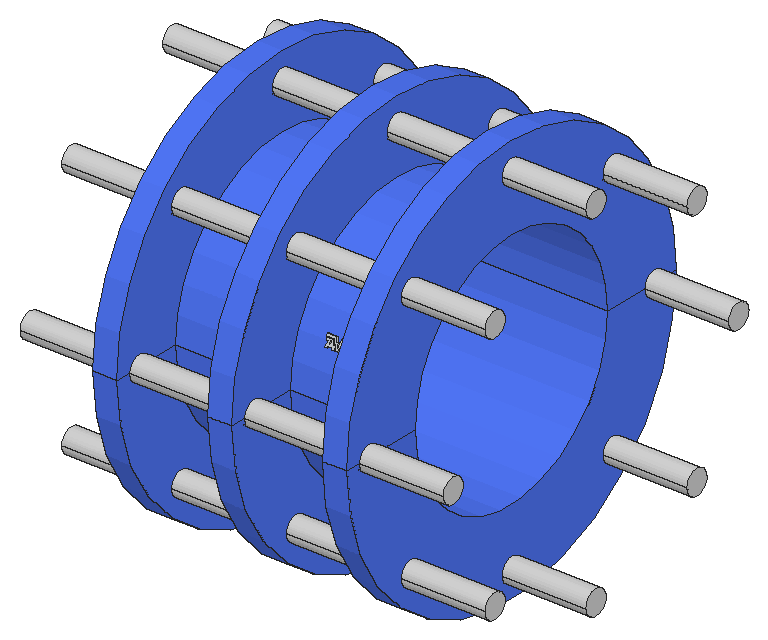
Revit family "873-00-001-DN80-200", category Pipe Accessories, Revit 2019
Family settings
  Round Connector Dimension = Use Diameter
  Part Type = Valve - Breaks Into
  Work Plane-Based = No
  Always vertical = Yes
  Cut with Voids When Loaded = No
  Shared = No
Parameters (values of type "DN200")
  d2 = size_lookup(Search_table, "d2", 0 mm, DN) / 2  # 170 mm
  d1 = size_lookup(Search_table, "d1", 0 mm, DN)  # 295 mm
  URL product pages = "https://www.avkvalves.com/P.aspx?no=873004000141000"
  T = size_lookup(Search_table, "T", 0 mm, DN)  # 20 mm
  L = size_lookup(Search_table, "L", 0 mm, DN)  # 350 mm
  Id(Radius) = DN / 2  # 100 mm
  Flange_thickness = 20 mm  # constant formula
  Description_ = "AVK DISMANTLING JOINT"
  DN = 200 mm
  Search_table = "873-00-001-DN80-200"
  Body_Wallthicknss = 10 mm  # constant formula
  A = size_lookup(Search_table, "A", 0 mm, DN)  # 210 mm
  873-0200-00-041000 = "DN200_PN10"
  873-0150-00-141000 = "DN150_PN16"
  873-0125-00-141000 = "DN125_PN16"
  873-0100-00-141000 = "DN100_PN16"
  873-0080-00-141000 = "DN80_PN16"
Types (6, lengths in mm): name | d2 | d1 | T | L | Id(Radius) | DN | A
  (no name) | 170 | 295 | 20 | 350 | 100 | 200 | 210
  DN080 | 100 | 160 | 16 | 340 | 40 | 80 | 200
  DN100 | 110 | 180 | 16 | 340 | 50 | 100 | 200
  DN125 | 125 | 210 | 16 | 340 | 62.5 | 125 | 200
  DN150 | 142.5 | 240 | 20 | 350 | 75 | 150 | 200
  DN200 | 170 | 295 | 20 | 350 | 100 | 200 | 210
Reference planes
  plane 1 "Center (Front/Back)": y = 0
  plane 2: z = 0
  plane 3 "Center (Left/Right)": x = 0
  plane 4: y = 32.5
  plane 5: y = -30
  plane 6: z = 147.5
  plane 7: z = -147.5
  plane 8: y = 147.5
  plane 9: y = -147.5
  plane 10: x = -175
  plane 11: x = 175
  plane 12: through (0, 0, 0) normal (0, 0.7071, 0.7071)
  plane 13: through (0, 0, 0) normal (0, 0.7071, -0.7071)
  plane 14: x = -105
  plane 15: x = 105
  plane 16: z = 170
  plane 17: z = -170
Forms (mm)
  Revolve 1, solid, material "Plastic"
    sketch origin (0, 0, 0) x (1, 0, 0) y (0, 1, 0)
      loop
        line (-85, 170) -> (-105, 170) -> (-105, 100) -> (105, 100) -> (105, 170) -> (85, 170) -> (85, 110) -> (10, 110) -> (10, 170) -> (-10, 170) -> (-10, 110) -> (-85, 110) -> (-85, 170)
      axis (-105, 0) -> (105, 0)
    angle from 0 to 360
  Extrusion 2, solid, material "Stainless Steel AISI 304"
    sketch origin (0, 0, 0) x (0, 1, 0) y (0, 0, 1)
      loop
        circle (0, 147.5) r 10
      loop
        circle (-147.5, 0) r 10
      loop
        circle (0, -147.5) r 10
      loop
        circle (147.5, 0) r 10
      loop
        circle (-104.298, 104.298) r 10
      loop
        circle (104.298, -104.298) r 10
      loop
        circle (104.298, 104.298) r 10
      loop
        circle (-104.298, -104.298) r 10
    from -175 to 175
Dimensions and locks
  "Flange_thickness": Revolve 1 sketch curve to Revolve 1 sketch curve  (x3)
  equal spacing: Revolve 1 sketch curve, plane 3 "Center (Left/Right)", Revolve 1 sketch curve  (x2)
  "A": Revolve 1 sketch curve to Revolve 1 sketch curve
  "Id(Radius)": plane 1 "Center (Front/Back)" to Revolve 1 sketch curve
  "Body_Wallthicknss": Revolve 1 sketch curve to Revolve 1 sketch curve
  "d2": plane 1 "Center (Front/Back)" to Revolve 1 sketch curve
  equal spacing: plane 6, level, plane 7
  equal spacing: plane 8, plane 1 "Center (Front/Back)", plane 9
  "d1": plane 8 to plane 9
  "d1": plane 6 to plane 7
  equal spacing: Extrusion 2 sketch curve, level, Extrusion 2 sketch curve
  equal spacing: Extrusion 2 sketch curve, plane 1 "Center (Front/Back)", Extrusion 2 sketch curve
  "d1": Extrusion 2 sketch curve to Extrusion 2 sketch curve  (x4)
  equal spacing: plane 11, plane 3 "Center (Left/Right)", plane 10
  "L": plane 11 to plane 10
  equal spacing: Extrusion 2 sketch curve, plane 13, Extrusion 2 sketch curve
  equal spacing: Extrusion 2 sketch curve, plane 12, Extrusion 2 sketch curve
  equal spacing: plane 15, plane 3 "Center (Left/Right)", plane 14
  "A": plane 15 to plane 14
  plane 6 to plane 7 = 295 mm
  equal spacing: plane 16, level, plane 17
  "d2": plane 16 to level
  plane 16 to plane 17 = 340 mm
  "T": diameter of Extrusion 2 sketch curve  (x8)
  locked: plane 1 "Center (Front/Back)" to plane 13 (angle 45.00°)
  locked: plane 12 to plane 1 "Center (Front/Back)" (angle 45.00°)
  aligned and locked: level to plane 2
  aligned and locked: Revolve 1 sketch curve to Revolve 1 sketch curve  (x3)
  aligned and locked: plane 1 "Center (Front/Back)" to Revolve 1 sketch curve
  aligned and locked: Extrusion 2 to plane 10
  aligned and locked: Extrusion 2 to plane 11
  aligned and locked: plane 14 to Revolve 1
  aligned and locked: plane 15 to Revolve 1
Automatic sketch dimensions
  Revolve 1 sketch curve to plane 3 "Center (Left/Right)" = 37.5 mm
  plane 3 "Center (Left/Right)" to Revolve 1 sketch curve = 37.5 mm
  plane 13 to Extrusion 2 sketch curve = 0 mm  (x2)
  Extrusion 2 sketch curve to plane 12 = 0 mm  (x2)
  Extrusion 2 sketch curve to plane 1 "Center (Front/Back)" = 0 mm  (x2)
  Extrusion 2 sketch curve to level = 0 mm  (x2)
Nested families
  nested 1: "Latest 1" at (44.105, -103.333, 37.713) x (1, 0, 0) z (0, -0.9394, 0.3428), type "Latest 1"
Connectors
  piping at (105, 0, 0), diameter 200, driven by "DN"
    settings: on Revolve 1, index 1, connector inside diameter 609.6 mm, connector length 0 mm, flow factor 0, pipe flow 0.0 L/s, pressure drop 0.0 Pa, fitting loss kfactor 0, connector angle 0.00°, fixture units 0, engagement length 0 mm, angle of deflection 0.00°, flow configuration 0, flow direction 0, fitting loss method 0, system type 7, joint type 0, gender type 0, connector reference index -1, connector utility 0, adjustable connector no, is connector primary yes, connector description ""
  piping at (-105, 0, 0), diameter 200, driven by "DN"
    settings: on Revolve 1, index 2, connector inside diameter 609.6 mm, connector length 0 mm, flow factor 0, pipe flow 0.0 L/s, pressure drop 0.0 Pa, fitting loss kfactor 0, connector angle 0.00°, fixture units 0, engagement length 0 mm, angle of deflection 0.00°, flow configuration 0, flow direction 0, fitting loss method 0, system type 7, joint type 0, gender type 0, connector reference index -1, connector utility 0, adjustable connector no, is connector primary no, connector description ""
Definition of nested family "Latest 1"
  Parameters
    Default Elevation = 1219.2 mm
  Reference planes
    plane 1 "Center (Front/Back)": y = 0
    plane 2: z = 0
    plane 3 "Center (Left/Right)": x = 0
  Forms (mm)
    Extrusion 1, solid
      sketch origin (0, 0, 0) x (1, 0, 0) y (0, 1, 0)
        loop
          line (-1219.2, 1219.2) -> (-1219.2, -1219.2) -> (1219.2, -1219.2) -> (1219.2, 1219.2) -> (-1219.2, 1219.2)
      from 0 to -304.8
    Extrusion 2, solid
      sketch origin (0, 0, 0) x (1, 0, 0) y (0, 1, 0)
        loop
          line (-2.683, 9.413) -> (-9.884, 9.413) -> (-9.884, 7.46) -> (-4.022, 7.46) -> (-0.985, 0) -> (0.985, 0) -> (4.022, 7.46) -> (9.884, 7.46) -> (9.884, 9.413) -> (2.683, 9.413) -> (0, 2.824) -> (-2.683, 9.413)
        loop
          line (-4.528, 6.707) -> (-9.884, 6.707) -> (-9.884, 4.824) -> (-8.032, 4.824) -> (-9.884, 0) -> (-7.792, 0) -> (-7.394, 1.035) -> (-4.328, 1.035) -> (-3.907, 0) -> (-1.798, 0) -> (-4.528, 6.707)
        loop
          line (-6.91, 2.824) -> (-5.056, 2.824) -> (-6.01, 5.167) -> (-6.91, 2.824)
        loop
          line (1.798, 0) -> (3.907, 0) -> (4.98, 2.637) -> (6.968, 0) -> (9.413, 0) -> (7.166, 2.983)
          arc (7.166, 2.983) -> (8.216, 3.774) -> (9.007, 4.824) r 4.724
          line (9.007, 4.824) -> (9.884, 4.824) -> (9.884, 6.707) -> (8.001, 6.707)
          arc (8.001, 6.707) -> (7.315, 5.008) -> (5.642, 4.261) r 2.448
          line (5.642, 4.261) -> (6.637, 6.707) -> (4.528, 6.707) -> (1.798, 0)
      from 0 to 1
  Dimensions and locks
    aligned and locked: plane 2 to Extrusion 1
    aligned and locked: level to Extrusion 1
    aligned and locked: Extrusion 2 sketch curve to import instance  (x30)
